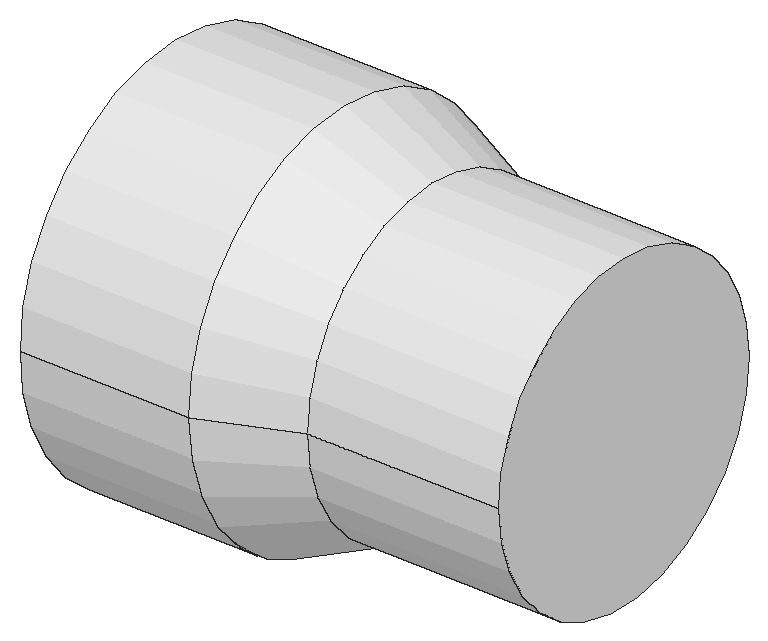
Revit family "PF_Переход [фитинг полипропиленовый - муфта переходная VTp.705.0]1 - VALTEC", category Соединительные детали трубопроводов, Revit 2019
Family settings
  Размер круглого соединителя = Использовать диаметр
  Тип детали = Переход
  На основе рабочей плоскости = Нет
  Всегда вертикально = Да
  При загрузке вырезать с полостями = Нет
  Общий = Нет
Parameters (values of type "VTp.705.0")
  Таблица = "PF_Переход [фитинг полипропиленовый - муфта переходная VTp.705.0] - VALTEC"  # constant formula
  built-in parameter 1114238 [instance] = (empty or 0)
  Manufacturer = ""
  dt2 [instance] = size_lookup(Таблица, "dt2", 0 mm, d1, d2)  # 3.4 mm
  dn22 [instance] = if(dn2 < dn1, 1 mm, dn2)  # 1 mm
  dn2 [instance] = size_lookup(Таблица, "dn2", 0 mm, d1, d2)  # 26.8 mm
  dn11 [instance] = if(dn1 < dn2, 1 mm, dn1)  # 33.4 mm
  dn1 [instance] = size_lookup(Таблица, "dn1", 0 mm, d1, d2)  # 33.4 mm
  dt1 [instance] = size_lookup(Таблица, "dt1", 0 mm, d1, d2)  # 4.2 mm
  d2 [instance] = 20 mm
  d1 [instance] = 25 mm
  URL = "https://valtec.ru/"
  C [instance] = size_lookup(Таблица, "C", 0 mm, d1, d2)  # 14.5 mm
  B [instance] = size_lookup(Таблица, "B", 0 mm, d1, d2)  # 16.5 mm
  ADSK_Примечание [instance] = ""
  ADSK_Позиция [instance] = ""
  ADSK_Обозначение [instance] = "VTp.705.0"  # constant formula
  ADSK_Наименование [instance] = size_lookup(Таблица, "", "Данный типоразмер отсутствует", d1, d2)  # "Фитинг полипропиленовый - муфта переходная, 25 х 20 мм"
  ADSK_Материал = Полипропилен - RGB 255 255 255
  ADSK_Масса [instance] = size_lookup(Таблица, "Масса", 0, d1, d2)  # 0.014
  ADSK_Марка [instance] = size_lookup(Таблица, "Маркировка", "Данный типоразмер отсутствует", d1, d2)  # "25х20"
  ADSK_Код изделия [instance] = size_lookup(Таблица, "Код продукта", "Данный типоразмер отсутствует", d1, d2)  # "VTp.705.0.025020"
  ADSK_Завод-изготовитель [instance] = "VALTEC"  # constant formula
  ADSK_Единица измерения [instance] = "шт."  # constant formula
  ADSK_URL страницы изделия = "https://valtec.ru/catalog/sistemy_polipropilenovyh_truboprovodov/polipropilenovye_fitingi/fiting_polipropilenovyj_mufta_perehodnaya_vtp7050.html"
  ADSK_URL документации изделия = "https://valtec.ru/document/technical/VTp.700-fitingi-0419.pdf"
  A [instance] = size_lookup(Таблица, "A", 0 mm, d1, d2)  # 38.5 mm
Reference planes
  plane 1 "По центру (Вперед/Назад)": y = 0
  plane 2: z = 0
  plane 3 "По центру (Влево/Вправо)": x = 0
  plane 4: x = -19.25
  plane 5: x = 19.25
  plane 6: y = -16.7
  plane 7: y = 16.7
  plane 8: y = -0.5
  plane 9: y = 0.5
  plane 10: x = -4.75
  plane 11: x = 2.75
Forms (mm)
  Extrusion 1, solid, material "Полипропилен - RGB 255 255 255" <- "ADSK_Материал", detail levels medium+fine
    sketch origin (0, 0, 0) x (0, 1, 0) y (0, 0, 1)
      loop
        circle (0, 0) r 16.7
    from -19.25 to -4.75
  Extrusion 2, solid, material "Полипропилен - RGB 255 255 255" <- "ADSK_Материал", detail levels medium+fine
    sketch origin (0, 0, 0) x (0, 1, 0) y (0, 0, 1)
      loop
        circle (0, 0) r 13.4
    from 2.75 to 19.25
  Blend 3, solid, material "Полипропилен - RGB 255 255 255" <- "ADSK_Материал", detail levels medium+fine
    base sketch origin (0, 0, 0) x (0, 1, 0) y (0, 0, 1)
      loop
        circle (0, 0) r 16.7
    top sketch origin (0, 0, 0) x (0, 1, 0) y (0, 0, 1)
      loop
        circle (0, 0) r 13.4
    from -4.75 to 2.75
Cuts and joins
  joined: Extrusion 1, Extrusion 2, Blend 3
Lines and regions (mm)
  model lines, detail levels coarse
    curve 1: line (19.25, 0.5, 0) -> (-19.25, 16.7, 0)
    curve 2: line (-19.25, -16.7, 0) -> (19.25, -0.5, 0)
    curve 3: line (19.25, 0.5, 0) -> (19.25, -0.5, 0)
    curve 4: line (-19.25, 16.7, 0) -> (-19.25, -16.7, 0)
Dimensions and locks
  equal spacing: plane 4, plane 3 "По центру (Влево/Вправо)", plane 5
  "A": plane 4 to plane 5
  "C": plane 4 to plane 10
  "B": plane 11 to plane 5
  equal spacing: plane 7, plane 1 "По центру (Вперед/Назад)", plane 6
  "dn11": plane 7 to plane 6
  equal spacing: plane 8, plane 1 "По центру (Вперед/Назад)", plane 9
  "dn22": plane 8 to plane 9
  "dn1": diameter of Extrusion 1 sketch curve
  "dn2": diameter of Extrusion 2 sketch curve
  "dn1": diameter of Blend 3 sketch curve
  "dn2": diameter of Blend 3 sketch curve
  aligned and locked: level to plane 2
  aligned and locked: plane 2 to Extrusion 1 sketch curve
  aligned and locked: plane 1 "По центру (Вперед/Назад)" to Extrusion 1 sketch curve
  aligned and locked: plane 2 to Extrusion 2 sketch curve
  aligned and locked: plane 1 "По центру (Вперед/Назад)" to Extrusion 2 sketch curve
  aligned and locked: plane 2 to Blend 3 sketch curve  (x2)
  aligned and locked: plane 1 "По центру (Вперед/Назад)" to Blend 3 sketch curve  (x2)
  aligned and locked: plane 10 to Extrusion 1
  aligned and locked: Extrusion 1 to plane 4
  aligned and locked: Blend 3 to plane 10
  aligned and locked: Blend 3 to plane 11
  aligned and locked: plane 11 to Extrusion 2
  aligned and locked: Extrusion 2 to plane 5
  aligned and locked: plane 4 to curve 2
  aligned and locked: plane 7 to curve 1
  aligned and locked: plane 4 to curve 1
  aligned and locked: plane 9 to curve 1
  aligned and locked: plane 5 to curve 1
  aligned and locked: plane 8 to curve 2
  aligned and locked: plane 5 to curve 2
  aligned and locked: plane 6 to curve 4
Connectors
  piping at (-19.25, 0, 0), diameter 25, driven by "d1"
    settings: on cut or joined group of Extrusion 1, Extrusion 2, Blend 3, index 1, connector inside diameter 609.6 mm, connector length 0 mm, flow factor 0, pipe flow 0.0 L/s, pressure drop 0.0 Pa, fitting loss kfactor 0, connector angle 0.00°, fixture units 0, engagement length 0 mm, angle of deflection 0.00°, flow configuration 0, flow direction 0, fitting loss method 0, system type 28, joint type 0, gender type 0, connector reference index 2, connector utility 0, adjustable connector no, is connector primary yes, connector description ""
  piping at (19.25, 0, 0), diameter 20, driven by "d2"
    settings: on cut or joined group of Extrusion 1, Extrusion 2, Blend 3, index 2, connector inside diameter 609.6 mm, connector length 0 mm, flow factor 0, pipe flow 0.0 L/s, pressure drop 0.0 Pa, fitting loss kfactor 0, connector angle 0.00°, fixture units 0, engagement length 0 mm, angle of deflection 0.00°, flow configuration 0, flow direction 0, fitting loss method 0, system type 28, joint type 0, gender type 0, connector reference index 1, connector utility 0, adjustable connector no, is connector primary no, connector description ""
